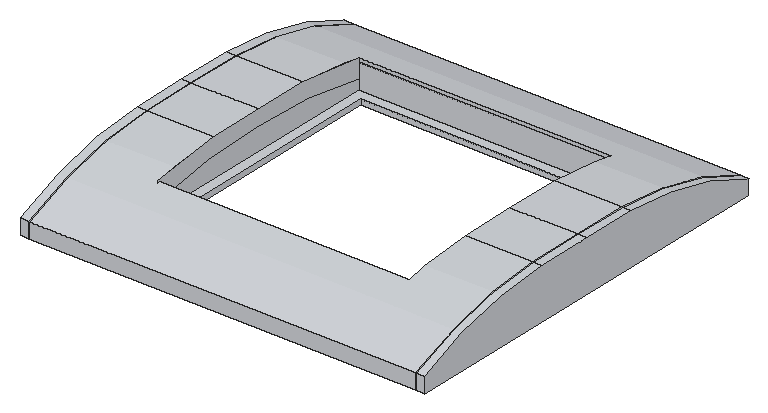
Revit family "Gira_0211331", category Electrical Fixtures, host Face, Revit 2017
Family settings
  Host = Face
  Maintain Annotation Orientation = No
  Round Connector Dimension = Use Diameter
  Part Type = Normal
  Cut with Voids When Loaded = No
  Shared = No
  Room Calculation Point = No
Parameters (values of type "Cov.fr. 1-g interm.fr. PW Gira Event Opaque dark brown")
  With mounting grid = "No"
  With hinged lid = "No"
  URL = "http://katalog.gira.de/en/datenblatt.html?artikelnr=0211331"
  Type of fastening = "Clamp mounting"
  Transparent = "No"
  Surface protection = "Other"
  Suitable for wall duct = "No"
  Suitable for flush-mounted installation = "Yes"
  Suitable for floor box = "No"
  Suitable for built-in installation = "No"
  Number of units vertical = "1"
  Number of units horizontal = "1"
  Number of units = "1"
  Name = "Cov.fr. 1-g interm.fr. PW Gira Event Opaque dark brown"
  Mounting direction = "Horizontal and vertical"
  Material quality = "Thermoplastic"
  Material = "Plastic"
  Manufacturer URL = "https://www.gira.de/"
  Manufacturer = "Gira"
  Label space/information surface = "No"
  Keynote = ""
  HeinzeBIM = "https://bimportal.heinze.de/bim/cov-fr-1-g-interm-fr-pw-gira-event-opaque-dark-brown/4d9b584808022f1a032c928c1da8a6ef660fa6bc"
  Halogen free = "Yes"
  HAN = "0211331"
  GTIN = "4010337074687"
  Description = "Cov.fr.1g i.fr.PW EvOp DBN,Gira Event Opaque frames,dark brown with pure white glossy intermediate frame,1-gang,Features:,- Shatter-proof."
  Degree of protection (IP) = "IP20"
  Default Elevation = 1219.2 mm
  Data sheet (1) = "https://katalog.gira.de/en/download.html?artikelnr=0211331"
  Colour = "Brown"
  Category = "Cover frame for domestic switching devices"
  BIM (1) = "https://media.stage.bim.site/public/gira/36a6b08/Event_Rahmen_1fach.rfa"
  Available = "No"
Reference planes
  plane 1 "Center (Front/Back)": y = 0
  plane 2: z = 0
  plane 3 "Center (Left/Right)": x = 0
Forms (mm)
  Extrusion 1, solid, detail levels fine
    sketch origin (0, 0, 1.55) x (0, 1, 0) y (0, 0, 1)
      loop
        arc (12.445, 9.683) -> (6.223, 9.833) -> (0, 9.85) r 291.636
        arc (0, 9.85) -> (-6.223, 9.833) -> (-12.445, 9.683) r 291.636
        arc (-12.445, 9.683) -> (-29.14, 7.482) -> (-45, 1.823) r 79.728
        line (-45, 1.823) -> (-45, -1.55) -> (-41.777, -1.55) -> (-41.777, -0.55)
        arc (-41.777, -0.55) -> (-21.205, 4.846) -> (0, 6.467) r 118.15
        arc (0, 6.467) -> (21.205, 4.846) -> (41.777, -0.55) r 118.15
        line (41.777, -0.55) -> (41.777, -1.55) -> (45, -1.55) -> (45, 1.823)
        arc (45, 1.823) -> (29.14, 7.482) -> (12.445, 9.683) r 79.728
    from -43 to 43
  Extrusion 2, void, detail levels fine
    sketch origin (0, 0, 0) x (1, 0, 0) y (0, 1, 0)
      loop
        line (-28, -28) -> (28, -28) -> (28, 28) -> (-28, 28) -> (-28, -28)
    from 2.85 to 12
  Extrusion 3, solid, detail levels coarse
    sketch origin (0, 0, 0) x (1, 0, 0) y (0, 1, 0)
      loop
        line (-45, 45) -> (-45, -45) -> (45, -45) -> (45, 45) -> (-45, 45)
    from 0 to 11.4
  Extrusion 4, solid, detail levels medium
    sketch origin (0, 0, 1.55) x (0, 1, 0) y (0, 0, 1)
      loop
        arc (12.445, 9.683) -> (6.223, 9.833) -> (0, 9.85) r 291.636
        arc (0, 9.85) -> (-6.223, 9.833) -> (-12.445, 9.683) r 291.636
        arc (-12.445, 9.683) -> (-29.14, 7.482) -> (-45, 1.823) r 79.728
        line (-45, 1.823) -> (-45, -1.55) -> (45, -1.55) -> (45, 1.823)
        arc (45, 1.823) -> (29.14, 7.482) -> (12.445, 9.683) r 79.728
    from -45 to 45
  Extrusion 5, solid, detail levels fine
    sketch origin (0, 0, 0) x (0, 1, 0) y (0, 0, 1)
      loop
        arc (45, 3.373) -> (29.14, 9.032) -> (12.445, 11.233) r 79.728
        arc (12.445, 11.233) -> (6.223, 11.383) -> (0, 11.4) r 291.636
        arc (0, 11.4) -> (-6.223, 11.383) -> (-12.445, 11.233) r 291.636
        arc (-12.445, 11.233) -> (-29.14, 9.032) -> (-45, 3.373) r 79.728
        line (-45, 3.373) -> (-45, 0) -> (45, 0) -> (45, 3.373)
    from 43 to 45
  Extrusion 6, solid, detail levels fine
    sketch origin (0, 0, 0) x (0, 1, 0) y (0, 0, -1)
      loop
        line (45, -3.373) -> (45, 0) -> (-45, 0) -> (-45, -3.373)
        arc (-45, -3.373) -> (-29.14, -9.032) -> (-12.445, -11.233) r 79.728
        arc (-12.445, -11.233) -> (-6.223, -11.383) -> (0, -11.4) r 291.636
        arc (0, -11.4) -> (6.223, -11.383) -> (12.445, -11.233) r 291.636
        arc (12.445, -11.233) -> (29.14, -9.032) -> (45, -3.373) r 79.728
    from 43 to 45
  Extrusion 7, solid, detail levels fine
    sketch origin (0, 0, 0) x (1, 0, 0) y (0, 1, 0)
      loop
        line (-25.7, 25.7) -> (-25.7, -25.7) -> (25.7, -25.7) -> (25.7, 25.7) -> (-25.7, 25.7)
      loop
        line (-29.495, 27.895) -> (-29.495, -27.895)
        spline (-29.495, -27.895) -> (-29.486, -28.025) -> (-29.461, -28.154) -> (-29.419, -28.278) -> (-29.361, -28.395) -> (-29.288, -28.504) -> (-29.202, -28.602) -> (-29.104, -28.688) -> (-28.995, -28.761) -> (-28.878, -28.819) -> (-28.754, -28.861) -> (-28.625, -28.886) -> (-28.495, -28.895)
        line (-28.495, -28.895) -> (28.495, -28.895)
        spline (28.495, -28.895) -> (28.625, -28.886) -> (28.754, -28.861) -> (28.878, -28.819) -> (28.995, -28.761) -> (29.104, -28.688) -> (29.202, -28.602) -> (29.288, -28.504) -> (29.361, -28.395) -> (29.419, -28.278) -> (29.461, -28.154) -> (29.486, -28.025) -> (29.495, -27.895)
        line (29.495, -27.895) -> (29.495, 27.895)
        spline (29.495, 27.895) -> (29.486, 28.025) -> (29.461, 28.154) -> (29.419, 28.278) -> (29.361, 28.395) -> (29.288, 28.504) -> (29.202, 28.602) -> (29.104, 28.688) -> (28.995, 28.761) -> (28.878, 28.819) -> (28.754, 28.861) -> (28.625, 28.886) -> (28.495, 28.895)
        line (28.495, 28.895) -> (-28.495, 28.895)
        spline (-28.495, 28.895) -> (-28.625, 28.886) -> (-28.754, 28.861) -> (-28.878, 28.819) -> (-28.995, 28.761) -> (-29.104, 28.688) -> (-29.202, 28.602) -> (-29.288, 28.504) -> (-29.361, 28.395) -> (-29.419, 28.278) -> (-29.461, 28.154) -> (-29.486, 28.025) -> (-29.495, 27.895)
    from 1.673 to 8.5
Cuts and joins
  Extrusion 2 cuts Extrusion 1
  Extrusion 2 cuts Extrusion 7
Dimensions and locks
  aligned and locked: plane 2 to host face
  aligned and locked: level to host face
